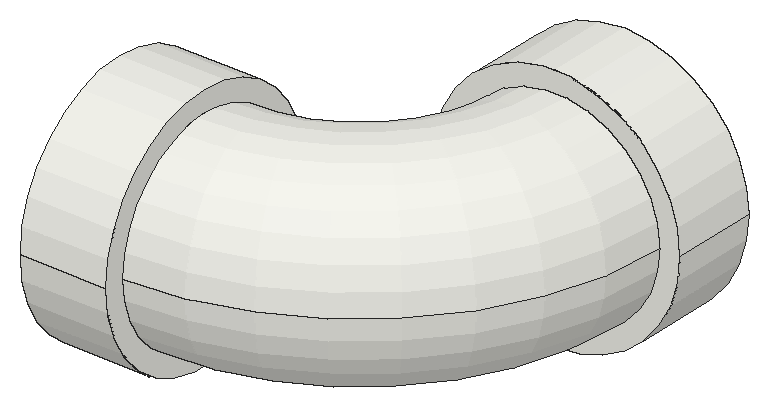
Revit family "Curva", category Pipe Fittings, Revit 2025
Family settings
  Round Connector Dimension = Use Radius
  Part Type = Elbow
  OmniClass Number = 23.60.30.11.14
  OmniClass Title = Pipework Fittings
  Work Plane-Based = No
  Always vertical = Yes
  Cut with Voids When Loaded = No
  Shared = No
Parameters
  Wall Thickness [instance] = size_lookup(Lookup Table Name, "WThk", 0.02 * Nominal Diameter + 33/256", Nominal Diameter)  # 0.156"
  Tick Size [instance] = Fitting Outside Diameter * 0.4  # 0.664"
  Socket Outside Radius [instance] = Socket Outside Diameter / 2  # 0.9935"
  Socket Outside Diameter [instance] = Socket Entrance Diameter + Wall Thickness * 2  # 1.987"
  Socket Entrance Diameter [instance] = size_lookup(Lookup Table Name, "SED", 1.04 * Nominal Diameter + 95/256", Nominal Diameter)  # 1.675"
  Socket Depth [instance] = size_lookup(Lookup Table Name, "SDpt", 0.5 * Nominal Diameter, Nominal Diameter)  # 0.687"
  Nominal Radius [instance] = 5/8"
  Nominal Diameter [instance] = Nominal Radius * 2  # 1 1/4"
  Loss Method = Not Defined
  Lookup Table Name = "Bend - PVC - Sch 40 - DWV"
  Length 2 [instance] = (Center to Socket Bottom Label + Socket Depth) * sin(Angle)  # 2 1/4"
  Length 1 [instance] = Center to Socket Bottom Label * (1 + cos(Angle)) + Socket Depth * cos(Angle)  # 1.563"
  Fitting Outside Radius [instance] = Fitting Outside Diameter / 2  # 0.83"
  Fitting Outside Diameter [instance] = size_lookup(Lookup Table Name, "FOD", 1.04 * Nominal Diameter + 23/64", Nominal Diameter)  # 1.66"
  Default Elevation = 0' - 0"
  Center to Socket Bottom Not Found [instance] = if(Angle 1 = 90.00°, 0.66 * Nominal Diameter + 119/128", if(Angle 1 = 60.00°, 0.41 * Nominal Diameter + 55/128", if(Angle 1 = 45.00°, 0.42 * Nominal Diameter + 69/128", 0.21 * Nominal Diameter + 51/256")))  # 1.75469"
  Center to Socket Bottom Label [instance] = if(Fitting Outside Radius * tan(Angle / 2) > Center to Socket Bottom, Fitting Outside Radius * tan(Angle / 2) + 1/32", Center to Socket Bottom)  # 1.563"
  Center to Socket Bottom [instance] = size_lookup(Lookup Table Name, "CtSB", Center to Socket Bottom Not Found, Nominal Diameter, Angle 1)  # 1.563"
  Center Radius [instance] = Center to Socket Bottom Label / tan(Angle / 2)  # 1.563"
  Angle 1 [instance] = if(or(Angle < 22.50°, Angle = 22.50°), 22.50°, if(or(Angle < 45.00°, Angle = 45.00°), 45.00°, if(or(Angle < 60.00°, Angle = 60.00°), 60.00°, 90.00°)))  # 90.00°
  Angle [instance] = 90.00°
Reference planes (in)
  plane 1 "Center (Front/Back)": y = 0
  plane 2: z = 0
  plane 3 "Center (Left/Right)": x = 0
  plane 4: x = -1.563
  plane 5: y = 1.563
  plane 6: x = 0
  plane 7: y = 2.25
  plane 8: x = -2.25
Forms (in)
  Sweep 1, solid, material "PVC", detail levels fine
    path in 3D
      loop
        arc (-1.563, 0, 0) -> (-0.45779, 0.45779, 0) -> (0, 1.563, 0) r 1.563
    profile origin (-0.45779, 0.45779, 0) x (-0.707107, 0.707107, 0) y (0, 0, 1)
      loop
        circle (0, 0) r 0.83
  Sweep 2, solid, material "PVC", detail levels fine
    path in 3D
      loop
        line (-2.25, 0, 0) -> (-1.563, 0, 0)
    profile origin (-1.9065, 0, 0) x (0, 1, 0) y (0, 0, 1)
      loop
        circle (0, 0) r 0.9935
  Sweep 3, solid, material "PVC", detail levels fine
    path in 3D
      loop
        line (0, 1.563, 0) -> (0, 2.25, 0)
    profile origin (0, 1.9065, 0) x (-1, 0, 0) y (0, 0, 1)
      loop
        circle (0, 0) r 0.9935
Cuts and joins
  joined: Sweep 1, Sweep 2, Sweep 3
Lines and regions (in)
  model lines, detail levels coarse+medium
    curve 1: arc (-1.563, 0, 0) -> (-0.45779, 0.45779, 0) -> (0, 1.563, 0) r 1.563
    curve 2: line (0, 1.563, 0) -> (0, 2.25, 0)
    curve 3: line (-2.25, 0, 0) -> (-1.563, 0, 0)
    curve 9: line (0, 2.25, 0) -> (-0.664, 2.25, 0)
    curve 10: line (0, 2.25, 0) -> (0.664, 2.25, 0)
    curve 11: line (-2.25, 0.664, 0) -> (-2.25, 0, 0)
    curve 12: line (-2.25, 0, 0) -> (-2.25, -0.664, 0)
  sketch lines
    curve 4: arc (-1.563, 0, 0) -> (-0.45779, 0.45779, 0) -> (0, 1.563, 0) r 1.563
    curve 5: line (-2.25, 0, 0) -> (-1.563, 0, 0)
    curve 6: line (0, 1.563, 0) -> (0, 2.25, 0)
  reference lines
    curve 7: line (0, 2.25, 0) -> (0, 1.563, 0)
    curve 8: line (-2.25, 0, 0) -> (-1.563, 0, 0)
Dimensions and locks (in)
  "Center to Socket Bottom Label": plane 4 to plane 3 "Center (Left/Right)"
  "Center Radius": plane 5 to plane 1 "Center (Front/Back)"
  "Length 1": plane 4 to plane 6
  "Length 2": plane 7 to plane 1 "Center (Front/Back)"
  "Socket Depth": curve 2 to curve 2
  "Socket Depth": plane 8 to plane 4
  "Tick Size": curve 9 to curve 9
  "Tick Size": curve 10 to curve 10
  "Tick Size": curve 11 to curve 11
  "Tick Size": curve 12 to curve 12
  "Fitting Outside Radius": radius of Sweep 1 sketch curve
  "Socket Outside Radius": radius of Sweep 2 sketch curve
  "Socket Outside Radius": radius of Sweep 3 sketch curve
  "Center Radius": radius of curve 1
  "Angle": angle curve 1 to curve 1
  "Angle": angle plane 1 "Center (Front/Back)" to curve 2
  "Angle": angle plane 1 "Center (Front/Back)" to curve 7
  "Angle": angle plane 6 to curve 9
  "Angle": angle plane 6 to curve 10
  aligned and locked: plane 1 "Center (Front/Back)" to curve 1
  aligned and locked: plane 1 "Center (Front/Back)" to curve 3
  aligned and locked: plane 6 to curve 7
  aligned and locked: plane 7 to curve 7
  aligned and locked: plane 8 to curve 8
  aligned and locked: plane 1 "Center (Front/Back)" to curve 8
  aligned and locked: plane 6 to curve 9
  aligned and locked: curve 11 to plane 8
  aligned and locked: curve 12 to plane 8
Automatic sketch dimensions
  Sweep 1 sketch curve to profile plane = 0' - 0"
  profile plane to Sweep 1 sketch curve = 0' - 0"
  Sweep 2 sketch curve to profile plane = 0' - 0"  (x2)
  Sweep 3 sketch curve to profile plane = 0' - 0"  (x2)
  curve 8 to plane 4 = 0' - 0"
Connectors (in)
  piping at (-2.25, 0, 0), diameter 1.25, driven by "Angle", driven by "Nominal Radius"
    settings: on cut or joined group of Sweep 1, Sweep 2, Sweep 3, index 1, connector inside diameter 1 1/4", connector length 0' - 0", flow factor 0, pipe flow 0 GPM, pressure drop 0.00 psi, fitting loss kfactor 0, connector angle 90.00°, fixture units 0, engagement length 0' - 0", angle of deflection 0.00°, flow configuration 0, flow direction 0, fitting loss method 0, system type 28, joint type 0, gender type 0, connector reference index 2, connector utility 0, adjustable connector no, is connector primary yes, connector description ""
  piping at (0, 2.25, 0), diameter 1.25, driven by "Angle", driven by "Nominal Radius"
    settings: on cut or joined group of Sweep 1, Sweep 2, Sweep 3, index 2, connector inside diameter 1 1/4", connector length 0' - 0", flow factor 0, pipe flow 0 GPM, pressure drop 0.00 psi, fitting loss kfactor 0, connector angle 90.00°, fixture units 0, engagement length 0' - 0", angle of deflection 0.00°, flow configuration 0, flow direction 0, fitting loss method 0, system type 28, joint type 0, gender type 0, connector reference index 1, connector utility 0, adjustable connector no, is connector primary no, connector description ""
